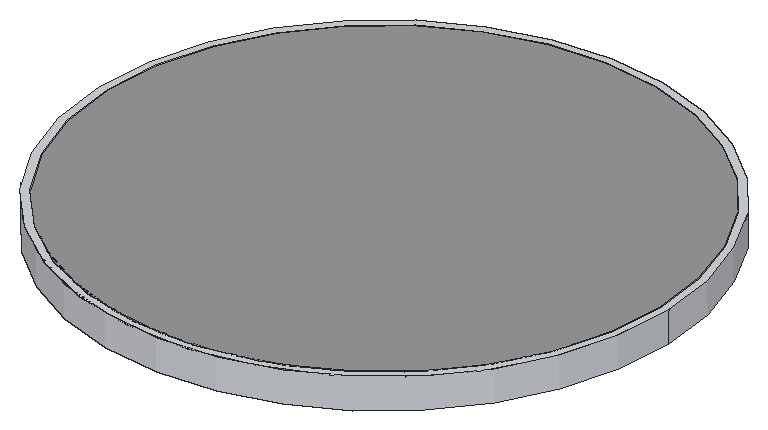
Revit family "2071305", category Lighting Fixtures, host Face, Revit 2018
Family settings
  Host = Face
  Round Connector Dimension = Use Diameter
  Part Type = Junction Box
  OmniClass Number = 23.80.70.00
  OmniClass Title = Lighting
  Cut with Voids When Loaded = No
  Light Source = Yes
  Shared = No
  Room Calculation Point = No
Parameters (values of type "2071305 COLOSSAL 1200 830 OP DIR+H WHT DALI")
  iner diameter = 1168 mm
  Weight = "n/a"
  Wattage Comments = ""
  Wattage = 30 W
  WarrantyStartDate [instance] = "n/a"
  WarrantyGuarantorParts = "n/a"
  WarrantyDurationUnit = "n/a"
  WarrantyDurationParts = ""
  WarrantyDescription = "http://www.sylvania-lighting.com"
  built-in parameter 1150110 = 1 (stored number, unit not read)
  Voltage = 230 V
  URL = "0.95"
  TypeName = "COLOSSAL 1200mm 830 OPAL DIR+HAL WHITE DALI"
  Type Image = <None>
  Type Comments = "n/a"
  built-in parameter 1114217 = 1 (stored number, unit not read)
  Tilt Angle = -90.00°
  built-in parameter 1150109 = 1 (stored number, unit not read)
  built-in parameter 1150134 = (empty or 0)
  built-in parameter 1150113 = 1 (stored number, unit not read)
  SerialNumber [instance] = "n/a"
  Photometric Web File = "2071305.ies"
  Material_3_SYL = LED-Sylvania
  PowerFactor = 0
  PowerConsumption = "Lighting"
  NominalLength = 1168 mm
  NominalHeight = 93 mm
  NominalDepth = 1168 mm
  Name = "COLOSSAL 1200mm 830 OPAL DIR+HAL WHITE DALI"
  ModelReference = Name  # "COLOSSAL 1200mm 830 OPAL DIR+HAL WHITE DALI"
  ModelNumber = "2071305"
  Model = Name  # "COLOSSAL 1200mm 830 OPAL DIR+HAL WHITE DALI"
  Material = "Feilo Sylvania"
  ManufacturerName = "138 lm/W"
  Manufacturer = ""
  LuminousEfficacy = ""
  built-in parameter 1150105 = 270.44 (stored number, unit not read)
  Lumens = 3398.4 lm
  LuminaireType = "0"
  built-in parameter 1150115 = 1 (stored number, unit not read)
  LightOutputRatio = "LED"
  built-in parameter 1150137 = (empty or 0)
  built-in parameter 1150139 = (empty or 0)
  LampsType = Lamp  # "n/a"
  LampNominalLuminous = "3000 K"
  LampMacAdamStep = "80"
  LampColourTemperature = "LED"
  LampColourRenderingIndex = "16500"
  built-in parameter 1150112 = 1 (stored number, unit not read)
  built-in parameter 1150114 = 1 (stored number, unit not read)
  Lamp = "n/a"
  Keynote = "n/a"
  InstallationDate [instance] = "n/a"
  InputVoltage = "0"
  InputNominalFrequency = "3000"
  built-in parameter 1150132 = (empty or 0)
  built-in parameter 1150102 = (empty or 0)
  built-in parameter 1150107 = 3000 (stored number, unit not read)
  built-in parameter 1150138 = (empty or 0)
  IngressProtection = "IfcLightFixtureType"
  ImpactProtectionIndex = "IfcLightFixtureType"
  built-in parameter 1150106 = 2.7044 (stored number, unit not read)
  IfcExportType = "IfcLightFixtureType"
  IfcExportAs = "Class I"
  Emit from Circle Diameter = 385 mm
  Emit Shape Visible in Rendering = no
  ElectricShockClassification = "138"
  built-in parameter 1150104 = 10.524 (stored number, unit not read)
  DocumentationLiterature = "http://www.sylvania-lighting.com/product/en-int/products/2071305"
  DimmingControlOptions = "n/a"
  Material_2_SYL = Polycarbonate_Sylvania_White
  Dimming Lamp Color Temperature Shift = <None>
  Description = "1200mm diameter circular architectural luminaire, can be surface mounted or suspended. Powder coated aluminium housing (RAL9016) with polycarbonate opal diffuser. Direct/indirect (halo) light distribution, 21130lm luminuous flux, 153.6W system power, 138lm/W luminiaire efficacy. DALI dimmable. Colour rendering index Ra >80, 3000K Warm White LED, chromaticity tolerance of 3-step MacAdam ellipse. IP40/IP20, IK03. 450mA drive current. Electrical protection Class1, 220-240V. Reported lifetime 66k hours L90B10."
  Default Elevation = 1219.2 mm
  CreatedOn = "23/03/2022"
  CreatedBy = "@sylvania-lighting.com"
  Cost = 0
  Color Filter = 16777215
  built-in parameter 1114216 [instance] = (empty or 0)
  ClassificationValue = "EF_70_80"
  ClassificationName = "Uniclass2015"
  Material_1_SYL = Polycarbonate_Sylvania_Opal
  BarCode [instance] = "n/a"
  built-in parameter 1114218 = 1 (stored number, unit not read)
  built-in parameter 1150133 = 10 (stored number, unit not read)
  AssetType = "Fixed"
  AssetIdentifier [instance] = "n/a"
  Assembly Code = "D5020200"
  Apparent Load = 153.6 VA
  Material_4_SYL = none
Reference planes
  plane 1 "Center (Front/Back)": y = 0
  plane 2: z = 0
  plane 3 "Center (Left/Right)": x = 0
  plane 4: z = 1.161
  plane 5: z = 16.161
  plane 6: y = 584
  plane 7: y = -584
  plane 8: x = 85
  plane 9: x = -85
  plane 10: through (0, 0, 1219.2) normal (0.5, 0.866, 0)
  plane 11: through (42.5, 73.612, 1219.2) normal (0.5, 0.866, 0)
  plane 12: through (-42.5, -73.612, 1219.2) normal (0.5, 0.866, 0)
  plane 13: through (0, 0, 1219.2) normal (0.5, -0.866, 0)
  plane 14: through (-42.5, 73.612, 1219.2) normal (0.5, -0.866, 0)
  plane 15: through (42.5, -73.612, 1219.2) normal (0.5, -0.866, 0)
  plane 16: z = 93
  plane 17: y = 584
  plane 18: y = -584
  plane 19: y = -429
  plane 20: x = -584
  plane 21: x = 584
Forms (mm)
  Extrusion 1, solid, detail levels medium+fine
    sketch origin (0, 0, 0) x (0.866025, -0.5, 0) y (0.5, 0.866025, 0)
      loop
        circle (-50, 86.603) r 22
    from 0 to 2
  Extrusion 2, solid, detail levels medium+fine
    sketch origin (0, 0, 0) x (0.866025, -0.5, 0) y (0.5, 0.866025, 0)
      loop
        circle (100, 0) r 22
      loop
        circle (-50, -86.603) r 22
    from 0 to 2
  Extrusion 3, solid, detail levels medium+fine
    sketch origin (0, 0, 0) x (1, 0, 0) y (0, 1, 0)
      loop
        circle (0, 0) r 584
    from 30 to 93
  Extrusion 4, void
    sketch origin (0, 0, 0) x (1, 0, 0) y (0, 1, 0)
      loop
        circle (0, 0) r 568
    from 96.588 to 37.292
  Extrusion 5, solid, material "Glass, White, High Luminance", detail levels fine
    sketch origin (0, 0, 0) x (1, 0, 0) y (0, 1, 0)
      loop
        circle (0, 0) r 568
    from 88.022 to 93
  Extrusion 6, solid, detail levels coarse
    sketch origin (0, 0, 0) x (1, 0, 0) y (0, 1, 0)
      loop
        line (-584, 584) -> (-584, -584) -> (584, -584) -> (584, 584) -> (-584, 584)
    from 0 to 93
  Blend 7, solid, detail levels medium+fine
    base sketch origin (-10.814, 11.299, 29.922) x (1, 0, 0) y (0, 1, 0)
      loop
        line (-402.654, -330.622) -> (397.346, -330.622) -> (482.346, -183.398) -> (82.346, 509.423) -> (-87.654, 509.423) -> (-487.654, -183.398) -> (-402.654, -330.622)
    top sketch origin (-10.814, 11.299, 29.922) x (1, 0, 0) y (0, 1, 0)
      loop
        line (-363.391, -306.496) -> (364.632, -306.496) -> (449.632, -159.272) -> (87.132, 468.597) -> (-82.868, 468.597) -> (-445.368, -159.272) -> (-363.391, -306.496)
    from 0 to -30
Cuts and joins
  Extrusion 4 cuts Extrusion 1
  Extrusion 4 cuts Extrusion 2
  Extrusion 4 cuts Extrusion 3
Lines and regions (mm)
  model lines, detail levels medium+fine
    curve 1: circle (0, 0, 0) r 155 normal (0, 0, 1)
  reference lines
    curve 2: circle (0, 0, 0) r 489 normal (0, 0, 1)
    curve 3: circle (0, 0, 0) r 521 normal (0, 0, 1)
    curve 4: line (0, 0, 0) -> (606.218, -350, 0)
    curve 5: line (0, 0, 0) -> (0, 825, 0)
    curve 6: line (0, 0, 0) -> (-623.538, -360, 0)
    curve 7: line (639.013, -270.785, 0) -> (85, 49.075, 0)
    curve 8: line (563.718, -423.612, 0) -> (0, -98.15, 0)
    curve 9: line (85, 49.075, 0) -> (85, 825, 0)
    curve 10: line (-85, 49.075, 0) -> (-85, 825, 0)
    curve 11: line (-85, 49.075, 0) -> (-666.038, -286.388, 0)
    curve 12: line (-581.038, -433.612, 0) -> (0, -98.15, 0)
Dimensions and locks
  plane 4 to level = 1.161 mm
  locked: plane 5 to plane 4 at 15
  "NominalDepth": plane 6 to plane 7
  plane 6 to plane 1 "Center (Front/Back)" to plane 7 = 584 mm, 584 mm
  "NominalHeight": level to plane 16
  equal spacing: plane 17, plane 1 "Center (Front/Back)", plane 18
  "NominalLength": plane 20 to plane 21
  equal spacing: plane 20, plane 3 "Center (Left/Right)", plane 21
  aligned and locked: plane 2 to host face
  aligned and locked: level to host face
  aligned and locked: plane 6 to Extrusion 6
Automatic sketch dimensions
  host sketch curve to host sketch curve = 2438.4 mm  (x2)
  Extrusion 1 sketch curve to plane 3 "Center (Left/Right)" = 0 mm
  Extrusion 1 sketch curve to plane 1 "Center (Front/Back)" = 100 mm
  plane 1 "Center (Front/Back)" to Extrusion 2 sketch curve = 50 mm
  Extrusion 2 sketch curve to plane 3 "Center (Left/Right)" = 86.603 mm
  Extrusion 2 sketch curve to Extrusion 2 sketch curve = 150 mm
  Extrusion 2 sketch curve to Extrusion 2 sketch curve = 86.603 mm
  plane 1 "Center (Front/Back)" to curve 1 = 0 mm
  curve 1 to plane 3 "Center (Left/Right)" = 0 mm
  plane 1 "Center (Front/Back)" to Extrusion 3 sketch curve = 0 mm
  Extrusion 3 sketch curve to plane 3 "Center (Left/Right)" = 0 mm
  plane 1 "Center (Front/Back)" to Extrusion 4 sketch curve = 0 mm
  Extrusion 4 sketch curve to plane 3 "Center (Left/Right)" = 0 mm
  plane 1 "Center (Front/Back)" to Extrusion 5 sketch curve = 0 mm
  Extrusion 5 sketch curve to plane 3 "Center (Left/Right)" = 0 mm
  curve 2 to curve 3 = 0 mm  (x2)
  curve 11 to plane 14 = 0 mm
  curve 6 to plane 13 = 0 mm
  curve 12 to plane 15 = 0 mm
  curve 10 to plane 9 = 0 mm
  curve 12 to plane 3 "Center (Left/Right)" = 0 mm
  plane 1 "Center (Front/Back)" to curve 3 = 0 mm
  curve 3 to plane 3 "Center (Left/Right)" = 0 mm
  curve 7 to plane 8 = 0 mm
  curve 11 to plane 10 = 0 mm
  curve 12 to plane 19 = 4.612 mm
  plane 19 to curve 6 = 69 mm
  plane 19 to curve 11 = 142.612 mm
  plane 19 to curve 8 = 5.388 mm
  plane 19 to curve 4 = 79 mm
  plane 19 to curve 7 = 158.215 mm
  plane 6 to curve 5 = 241 mm
  curve 10 to curve 5 = 0 mm
  curve 5 to curve 9 = 0 mm
  plane 1 "Center (Front/Back)" to curve 6 = 0 mm
  curve 6 to plane 3 "Center (Left/Right)" = 0 mm
  Extrusion 6 sketch curve to plane 7 = 0 mm
  Extrusion 6 sketch curve to plane 6 = 0 mm
  Blend 7 sketch curve to plane 6 = 756.098 mm  (x2)
  Blend 7 sketch curve to Blend 7 sketch curve = 85 mm
  plane 3 "Center (Left/Right)" to Blend 7 sketch curve = 386.532 mm
  plane 8 to Blend 7 sketch curve = 386.532 mm
  Blend 7 sketch curve to plane 6 = 63.278 mm
  Blend 7 sketch curve to plane 6 = 731.972 mm  (x2)
  Blend 7 sketch curve to Blend 7 sketch curve = 81.977 mm
  plane 3 "Center (Left/Right)" to Blend 7 sketch curve = 353.818 mm
  plane 8 to Blend 7 sketch curve = 353.818 mm
  Blend 7 sketch curve to plane 6 = 104.104 mm
  plane 12 to curve 8 = 0 mm
  plane 19 to Blend 7 sketch curve = 109.677 mm
  plane 19 to Blend 7 sketch curve = 133.803 mm
  plane 8 to Extrusion 6 sketch curve = 499 mm
  Extrusion 6 sketch curve to plane 9 = 499 mm
  Blend 7 sketch curve to plane 8 = 13.468 mm
  Blend 7 sketch curve to plane 9 = 13.468 mm
  Blend 7 sketch curve to plane 9 = 328.468 mm
  Blend 7 sketch curve to plane 8 = 8.682 mm
  Blend 7 sketch curve to plane 9 = 8.682 mm
  Blend 7 sketch curve to plane 9 = 289.205 mm
  plane 10 to curve 4 = 0 mm
  plane 11 to curve 7 = 0 mm
  curve 12 to plane 12 = 0 mm
  curve 9 to plane 11 = 0 mm
  radius of Extrusion 1 sketch curve = 22 mm
  radius of Extrusion 2 sketch curve = 22 mm  (x2)
  radius of curve 1 = 155 mm
  radius of Extrusion 3 sketch curve = 584 mm
  radius of Extrusion 4 sketch curve = 568 mm
  radius of Extrusion 5 sketch curve = 568 mm
  radius of curve 2 = 489 mm
  radius of curve 3 = 521 mm
Connectors
  electrical at (0, 0, 30)
    settings: on cut or joined group of Extrusion 3, Extrusion 4, index 1, voltage 0 V, apparent load 0 VA, apparent load phase1 0 VA, apparent load phase2 0 VA, apparent load phase3 0 VA, power factor 1, load classification "Other", number of poles 1, system type 31, power factor state 1, is connector primary yes, connector utility no, sub classification motor no, connector description ""
